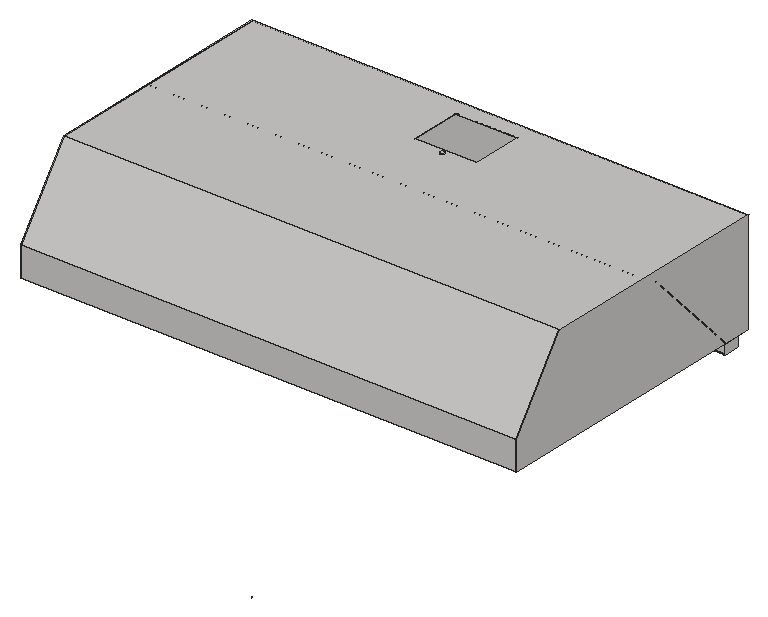
Revit family "QF_ELECTROLUXPROFESSIONAL_644244_ABPV1424DT", category Attrezzature speciali, Revit 2021
Family settings
  Quota connettore circolare = Usa diametro
  Tipo di parte = Normale
  Basato su piano di lavoro = No
  Sempre verticale = Sì
  Taglio con vuoti quando caricato = No
  Condiviso = No
  Punto di calcolo locali = No
Parameters (values of type "Standard")
  Weight = 73.00 kg
  Watts = 550 W
  Volts = 220 V
  URL Manufacturer = "https://www.electroluxprofessional.com/"
  URL = "https://www.electroluxprofessional.com/"
  Steam Supply Size = 0 mm
  Steam Supply Minimum Pressure = 0.0 Pa
  Steam Supply Maximum Pressure = 0.0 Pa
  Steam Consumption per Hour = 0
  Refrigeration Suction Line Size = 0 mm
  Refrigeration Liquid Line Size = 0 mm
  Refrigerant Compressor Remote = yes
  Prospetto di default = 0 mm
  Produttore = "Electrolux Professional"
  Phase = 1
  Modello = "ABPV1424DT"
  Length Actual = 2400 mm  # constant formula
  Item Number = "644244"
  Hot Water Size = 0 mm
  Height Actual = 500 mm  # constant formula
  HP = "0.7 HP"
  Gas Size = 0 mm
  Gas KW = 0
  Gas Input Pressure = 0 W
  Direct Waste Size = 0 mm
  Descrizione = "304 S/S WALL HOOD+FILTER+FAN 2400X1400MM"
  Depth Actual = 1400 mm  # constant formula
  Cycle = 50 Hz
  Condensate Return Size = 0 mm
  Compressed Air Volume = 0.0 L/s
  Compressed Air Size = 0 mm
  Compressed Air Pressure = 0.0 Pa
  Cold Water Size = 0 mm
  Accessory = yes
Reference planes
  plane 1: z = 0
  plane 2 "Center (Left/Right)": x = 150
  plane 3 "LEFT": x = -1050
  plane 4 "RIGHT": x = 1350
  plane 5 "BACK": y = 550
  plane 6 "TOP": z = 2500
  plane 7 "Base": z = 2000
  plane 8: z = 1926
  plane 9 "DrainY": y = 485
  plane 10: x = -1047
  plane 11: through (0, 414.509, 2000.8) normal (0, 0.7314, 0.682)
  plane 12: y = 470
  plane 13: y = 220
  plane 14 "DrainX": x = 1230
  plane 15: x = 300
  plane 16: x = 0
  plane 17: x = 1347
  plane 18: x = 1140
  plane 19: x = 1320
  plane 20: x = -1010
  plane 21: x = -645
  plane 22: x = -450
  plane 23: x = 1310
  plane 24: x = 945
  plane 25: x = 750
  plane 26: x = -47.5
  plane 27: x = 347.5
  plane 28: z = 2140
  plane 29: y = -590
  plane 30: y = 200
  plane 31: y = -850
  plane 32: y = -150
Forms (mm)
  Extrusion 1, solid, material "QF_Finishes_Stainless Steel"
    sketch origin (-1050, 0, 360) x (0, 1, 0) y (0, 0, 1)
      loop
        line (550, 1640) -> (550, 2140) -> (-590, 2140) -> (-850, 1780) -> (-850, 1640) -> (550, 1640)
    from 0 to 3
  Extrusion 2, solid, material "QF_Finishes_Stainless Steel"
    sketch origin (150, 0, 360) x (0, 1, 0) y (0, 0, 1)
      loop
        line (415.255, 1640) -> (550, 1640) -> (550, 2139.19) -> (549.2, 2139.19) -> (549.2, 1640.8) -> (415.876, 1640.8) -> (339.347, 1722.867) -> (349.609, 1732.436) -> (348.927, 1733.167) -> (337.934, 1722.917) -> (415.255, 1640)
      loop
        line (-82.203, 2139.19) -> (-82.203, 2118.6) -> (-31.047, 2118.6) -> (34.354, 2048.466) -> (46.028, 2059.352) -> (45.346, 2060.083) -> (34.403, 2049.879) -> (-30.612, 2119.6) -> (-81.203, 2119.6) -> (-81.203, 2139.19) -> (-82.203, 2139.19)
    from -1197 to 1197
  Extrusion 3, solid, material "QF_Finishes_Stainless Steel"
    sketch origin (1350, 0, 360) x (0, 1, 0) y (0, 0, 1)
      loop
        line (550, 1640) -> (550, 2140) -> (-590, 2140) -> (-850, 1780) -> (-850, 1640) -> (550, 1640)
    from 0 to -3
  Extrusion 4, solid, material "QF_Finishes_Stainless Steel"
    sketch origin (150, 0, 360) x (0, 1, 0) y (0, 0, 1)
      loop
        line (-590, 2140) -> (-850, 1780) -> (-850, 1640) -> (-849.2, 1640) -> (-849.2, 1779.741) -> (-589.598, 2139.19) -> (550, 2139.19) -> (550, 2140) -> (-590, 2140)
    from -1200 to 1200
  Extrusion 5, solid, material "QF_Finishes_Stainless Steel"
    sketch origin (150, 0, 360) x (0, 1, 0) y (0, 0, 1)
      loop
        line (534, 1640) -> (436, 1640) -> (436, 1627) -> (443.5, 1627) -> (443.5, 1576)
        arc (443.5, 1576) -> (446.429, 1568.929) -> (453.5, 1566) r 10
        line (453.5, 1566) -> (516.5, 1566)
        arc (516.5, 1566) -> (523.571, 1568.929) -> (526.5, 1576) r 10
        line (526.5, 1576) -> (526.5, 1627) -> (534, 1627) -> (534, 1640)
    from 990 to 1170
  Extrusion 6, solid, material "QF_Finishes_Stainless Steel"
    sketch origin (0, 0, 2000) x (0, 1, 0) y (-1, 0, 0)
      loop
        circle (485, -1230) r 20
    from -76 to -74
  Extrusion 7, solid, material "QF_Finished_Chrome"
    sketch origin (150, 0, 360) x (0, 1, 0) y (0, 0, 1)
      loop
        line (337.934, 1722.917) -> (341.591, 1726.327) -> (38.011, 2051.876) -> (34.354, 2048.466) -> (337.934, 1722.917)
    from -795 to -1160
  Extrusion 8, solid, material "QF_Finished_Chrome"
    sketch origin (150, 0, 360) x (0, 1, 0) y (0, 0, 1)
      loop
        line (337.934, 1722.917) -> (341.591, 1726.327) -> (38.011, 2051.876) -> (34.354, 2048.466) -> (337.934, 1722.917)
    from -197.5 to -600
  Extrusion 9, solid, material "QF_Finishes_Stainless Steel"
    sketch origin (150, 0, 360) x (0, 1, 0) y (0, 0, 1)
      loop
        line (337.934, 1722.917) -> (341.591, 1726.327) -> (38.011, 2051.876) -> (34.354, 2048.466) -> (337.934, 1722.917)
    from 1197 to 1160
  Extrusion 10, solid, material "QF_Finishes_Stainless Steel"
    sketch origin (150, 0, 360) x (0, 1, 0) y (0, 0, 1)
      loop
        line (341.588, 1726.324) -> (38.009, 2051.874) -> (34.354, 2048.466) -> (337.934, 1722.917) -> (341.588, 1726.324)
    from -795 to -600
  Extrusion 11, solid, material "QF_Finished_Chrome"
    sketch origin (150, 0, 360) x (0, 1, 0) y (0, 0, 1)
      loop
        line (341.588, 1726.324) -> (38.009, 2051.874) -> (34.354, 2048.466) -> (337.934, 1722.917) -> (341.588, 1726.324)
    from 795 to 1160
  Extrusion 12, void
    sketch origin (0, 0, 2500) x (0, 1, 0) y (-1, 0, 0)
      loop
        line (470, 0) -> (220, 0) -> (220, -300) -> (470, -300) -> (470, 0)
    from 0 to -10
  Extrusion 13, solid, material "QF_Finishes_Stainless Steel"
    sketch origin (0, 0, 0) x (1, 0, 0) y (0, 1, 0)
      loop
        line (-1050, 550) -> (-1050, 549) -> (-1049, 549) -> (-1049, 550) -> (-1050, 550)
    from 0 to 1
  Extrusion 14, solid, material "QF_Finishes_Stainless Steel"
    sketch origin (150, 0, 360) x (0, 1, 0) y (0, 0, 1)
      loop
        line (337.934, 1722.917) -> (341.591, 1726.327) -> (38.011, 2051.876) -> (34.354, 2048.466) -> (337.934, 1722.917)
    from -1160 to -1197
  Extrusion 15, solid, material "QF_Finishes_Stainless Steel"
    sketch origin (150, 0, 360) x (0, 1, 0) y (0, 0, -1)
      loop
        line (341.588, -1726.324) -> (337.934, -1722.917) -> (34.354, -2048.466) -> (38.009, -2051.874) -> (341.588, -1726.324)
    from -795 to -600
  Extrusion 16, solid, material "QF_Finished_Chrome"
    sketch origin (150, 0, 360) x (0, 1, 0) y (0, 0, 1)
      loop
        line (337.934, 1722.917) -> (341.591, 1726.327) -> (38.011, 2051.876) -> (34.354, 2048.466) -> (337.934, 1722.917)
    from 600 to 197.5
  Extrusion 17, solid, material "QF_Finishes_Stainless Steel"
    sketch origin (150, 0, 360) x (0, 1, 0) y (0, 0, -1)
      loop
        line (341.588, -1726.324) -> (337.934, -1722.917) -> (34.354, -2048.466) -> (38.009, -2051.874) -> (341.588, -1726.324)
    from -197.5 to 197.5
  Extrusion 18, solid, material "QF_Finishes_Stainless Steel"
    sketch origin (0, 0, 2500) x (0, 1, 0) y (-1, 0, 0)
      loop
        circle (200, -150) r 10
    from 0 to 1.6
Cuts and joins
  Extrusion 12 cuts Extrusion 4
  joined: Extrusion 2, Extrusion 4
Lines and regions (mm)
  reference lines
    curve 1: line (150, 34.354, 2408.466) -> (150, 34.354, 2248.466)
  symbolic lines, style "SpecialityEquipment", detail levels coarse
    curve 2: line (1350, 550, 2500) -> (-1050, 550, 2500)
    curve 3: line (-1050, 550, 2500) -> (-1050, -850, 2500)
    curve 4: line (1350, -850, 2500) -> (1350, 550, 2500)
    curve 5: line (-1050, -850, 2500) -> (1350, -850, 2500)
    curve 6: line (0, 220, 2500) -> (300, 220, 2500)
    curve 7: line (0, 470, 2500) -> (0, 220, 2500)
    curve 8: line (300, 470, 2500) -> (0, 470, 2500)
    curve 9: line (300, 220, 2500) -> (300, 470, 2500)
    curve 10: line (1350, -589.598, 0) -> (-1050, -589.598, 0)
    curve 11: line (-1050, -589.598, 0) -> (1350, 550, 0)
    curve 12: line (-1050, 550, 0) -> (1350, -589.598, 0)
Dimensions and locks
  plane 3 "LEFT" to plane 4 "RIGHT" = 2400 mm
  equal spacing: plane 3 "LEFT", plane 2 "Center (Left/Right)", plane 4 "RIGHT"
  locked: plane 6 "TOP" to plane 7 "Base" at 500
  plane 7 "Base" to plane 8 = 74 mm
  plane 5 "BACK" to plane 9 "DrainY" = 65 mm  (x2)
  plane 3 "LEFT" to plane 10 = 3 mm
  plane 5 "BACK" to plane 12 = 80 mm
  plane 12 to plane 13 = 250 mm  (x2)
  plane 14 "DrainX" to plane 4 "RIGHT" = 120 mm
  plane 17 to plane 4 "RIGHT" = 3 mm
  locked: plane 18 to plane 14 "DrainX" at 90
  locked: plane 14 "DrainX" to plane 19 at 90
  plane 12 to plane 5 "BACK" = 80 mm
  locked: plane 3 "LEFT" to plane 20 at 40
  locked: plane 20 to plane 21 at 365
  locked: plane 21 to plane 22 at 195
  locked: plane 23 to plane 24 at 365
  locked: plane 24 to plane 25 at 195
  locked: plane 23 to plane 4 "RIGHT" at 40
  locked: plane 26 to plane 27 at 395
  equal spacing: plane 26, plane 2 "Center (Left/Right)", plane 27
  locked: plane 16 to plane 15 at 300
  equal spacing: plane 16, plane 2 "Center (Left/Right)", plane 15
  plane 22 to plane 26 = 402.5 mm
  plane 27 to plane 25 = 402.5 mm
  plane 28 to plane 7 "Base" = 140 mm
  locked: plane 7 "Base" to level at 2000
  plane 13 to plane 30 = 20 mm
  plane 5 "BACK" to plane 31 = 1400 mm  (x2)
  equal spacing: plane 5 "BACK", plane 32, plane 31
  aligned and locked: level to plane 1
  aligned and locked: Extrusion 2 to Extrusion 1
  aligned and locked: Extrusion 2 to Extrusion 3
  aligned and locked: plane 4 "RIGHT" to Extrusion 4
  aligned and locked: Extrusion 4 to plane 3 "LEFT"
  aligned and locked: plane 17 to Extrusion 9
  aligned and locked: plane 16 to Extrusion 12
  aligned and locked: Extrusion 12 to plane 15
  aligned and locked: Extrusion 12 to plane 13
  aligned and locked: Extrusion 12 to plane 12
  aligned and locked: Extrusion 2 to Extrusion 4
  aligned and locked: plane 19 to Extrusion 5
  aligned and locked: Extrusion 5 to plane 18
  aligned and locked: Extrusion 9 to plane 23
  aligned and locked: Extrusion 11 to plane 23
  aligned and locked: Extrusion 11 to plane 24
  aligned and locked: Extrusion 8 to plane 22
  aligned and locked: plane 22 to Extrusion 10
  aligned and locked: Extrusion 10 to plane 21
  aligned and locked: plane 21 to Extrusion 7
  aligned and locked: Extrusion 7 to plane 20
  aligned and locked: Extrusion 14 to plane 10
  aligned and locked: plane 20 to Extrusion 14
  aligned and locked: Extrusion 15 to plane 25
  aligned and locked: Extrusion 15 to plane 24
  aligned and locked: Extrusion 3 to plane 17
  aligned and locked: plane 26 to Extrusion 8
  aligned and locked: Extrusion 16 to plane 25
  aligned and locked: Extrusion 16 to plane 27
  aligned and locked: plane 27 to Extrusion 17
  aligned and locked: Extrusion 17 to plane 26
Automatic sketch dimensions
  curve 5 to plane 3 "LEFT" = 0 mm
  curve 9 to plane 13 = 0 mm
  plane 12 to curve 8 = 0 mm
  curve 3 to plane 5 "BACK" = 0 mm
  curve 5 to plane 4 "RIGHT" = 0 mm
  curve 6 to plane 15 = 0 mm
  curve 6 to plane 16 = 0 mm
  Extrusion 2 sketch curve to plane 11 = 0 mm  (x3)
  Extrusion 2 sketch curve to plane 7 "Base" = 0 mm
  plane 11 to Extrusion 2 sketch curve = 0 mm
  Extrusion 2 sketch curve to plane 5 "BACK" = 0 mm
  Extrusion 2 sketch curve to Extrusion 2 sketch curve = 65.646 mm
  Extrusion 2 sketch curve to Extrusion 2 sketch curve = 0.682 mm  (x2)
  Extrusion 2 sketch curve to Extrusion 2 sketch curve = 10.261 mm
  plane 7 "Base" to Extrusion 2 sketch curve = 82.917 mm
  Extrusion 2 sketch curve to Extrusion 2 sketch curve = 10.942 mm
  Extrusion 2 sketch curve to Extrusion 2 sketch curve = 0.049 mm
  Extrusion 2 sketch curve to plane 6 "TOP" = 20.4 mm
  Extrusion 2 sketch curve to plane 6 "TOP" = 21.4 mm
  Extrusion 2 sketch curve to plane 6 "TOP" = 0.81 mm  (x2)
  Extrusion 2 sketch curve to Extrusion 2 sketch curve = 50.156 mm
  Extrusion 2 sketch curve to Extrusion 2 sketch curve = 1 mm
  plane 7 "Base" to Extrusion 2 sketch curve = 0.8 mm
  Extrusion 2 sketch curve to plane 5 "BACK" = 0.8 mm
  curve 1 to plane 11 = 0 mm
  Extrusion 5 sketch curve to plane 7 "Base" = 0 mm
  Extrusion 5 sketch curve to plane 8 = 0 mm
  Extrusion 5 sketch curve to plane 7 "Base" = 13 mm  (x2)
  plane 12 to Extrusion 5 sketch curve = 34 mm
  Extrusion 5 sketch curve to Extrusion 5 sketch curve = 7.5 mm  (x2)
  Extrusion 5 sketch curve to Extrusion 5 sketch curve = 10 mm
  plane 9 "DrainY" to Extrusion 5 sketch curve = 31.5 mm
  Extrusion 5 sketch curve to plane 5 "BACK" = 23.5 mm
  Extrusion 6 sketch curve to plane 9 "DrainY" = 0 mm
  Extrusion 6 sketch curve to plane 14 "DrainX" = 0 mm
  Extrusion 7 sketch curve to plane 11 = 0 mm  (x2)
  Extrusion 7 sketch curve to Extrusion 7 sketch curve = 3.657 mm
  plane 7 "Base" to Extrusion 7 sketch curve = 82.917 mm
  Extrusion 8 sketch curve to plane 11 = 0 mm  (x2)
  Extrusion 8 sketch curve to Extrusion 8 sketch curve = 3.657 mm
  plane 7 "Base" to Extrusion 8 sketch curve = 82.917 mm
  Extrusion 9 sketch curve to plane 11 = 0 mm  (x2)
  Extrusion 9 sketch curve to Extrusion 9 sketch curve = 3.657 mm
  plane 7 "Base" to Extrusion 9 sketch curve = 82.917 mm
  Extrusion 10 sketch curve to plane 11 = 0 mm  (x2)
  Extrusion 10 sketch curve to Extrusion 10 sketch curve = 3.655 mm
  plane 7 "Base" to Extrusion 10 sketch curve = 82.917 mm
  Extrusion 11 sketch curve to plane 11 = 0 mm  (x2)
  Extrusion 11 sketch curve to Extrusion 11 sketch curve = 3.655 mm
  plane 7 "Base" to Extrusion 11 sketch curve = 82.917 mm
  Extrusion 12 sketch curve to plane 13 = 0 mm
  plane 12 to Extrusion 12 sketch curve = 0 mm
  Extrusion 12 sketch curve to plane 15 = 0 mm
  Extrusion 12 sketch curve to plane 16 = 0 mm
  Extrusion 13 sketch curve to plane 3 "LEFT" = 0 mm
  Extrusion 13 sketch curve to plane 5 "BACK" = 0 mm
  plane 3 "LEFT" to Extrusion 13 sketch curve = 1 mm
  Extrusion 13 sketch curve to Extrusion 13 sketch curve = 1 mm
  Extrusion 14 sketch curve to plane 11 = 0 mm  (x2)
  Extrusion 14 sketch curve to Extrusion 14 sketch curve = 3.657 mm
  plane 7 "Base" to Extrusion 14 sketch curve = 82.917 mm
  Extrusion 15 sketch curve to plane 11 = 0 mm  (x2)
  Extrusion 15 sketch curve to Extrusion 15 sketch curve = 3.655 mm
  plane 7 "Base" to Extrusion 15 sketch curve = 82.917 mm
  Extrusion 16 sketch curve to plane 11 = 0 mm  (x2)
  Extrusion 16 sketch curve to Extrusion 16 sketch curve = 3.657 mm
  plane 7 "Base" to Extrusion 16 sketch curve = 82.917 mm
  Extrusion 17 sketch curve to plane 11 = 0 mm  (x2)
  Extrusion 17 sketch curve to Extrusion 17 sketch curve = 3.655 mm
  plane 7 "Base" to Extrusion 17 sketch curve = 82.917 mm
  curve 1 to curve 1 = 160 mm
  Extrusion 4 sketch curve to plane 6 "TOP" = 0 mm
  Extrusion 4 sketch curve to plane 29 = 0 mm
  plane 29 to Extrusion 4 sketch curve = 0.402 mm
  Extrusion 4 sketch curve to plane 5 "BACK" = 0 mm
  Extrusion 4 sketch curve to plane 7 "Base" = 0 mm
  Extrusion 4 sketch curve to plane 28 = 0 mm
  Extrusion 4 sketch curve to plane 28 = 0.259 mm
  Extrusion 4 sketch curve to Extrusion 4 sketch curve = 0.81 mm
  Extrusion 1 sketch curve to plane 6 "TOP" = 0 mm
  Extrusion 1 sketch curve to plane 29 = 0 mm
  Extrusion 1 sketch curve to plane 5 "BACK" = 0 mm
  Extrusion 1 sketch curve to plane 7 "Base" = 0 mm
  Extrusion 1 sketch curve to plane 28 = 0 mm
  Extrusion 3 sketch curve to plane 6 "TOP" = 0 mm
  Extrusion 3 sketch curve to plane 29 = 0 mm
  Extrusion 3 sketch curve to plane 5 "BACK" = 0 mm
  Extrusion 3 sketch curve to plane 7 "Base" = 0 mm
  Extrusion 3 sketch curve to plane 28 = 0 mm
  curve 10 to plane 3 "LEFT" = 0 mm
  curve 12 to plane 3 "LEFT" = 0 mm
  curve 11 to plane 4 "RIGHT" = 0 mm
  curve 10 to plane 4 "RIGHT" = 0 mm
  curve 12 to plane 5 "BACK" = 0 mm
  curve 11 to plane 5 "BACK" = 0 mm
  plane 29 to curve 11 = 0.402 mm
  Extrusion 18 sketch curve to plane 2 "Center (Left/Right)" = 0 mm
  plane 30 to Extrusion 18 sketch curve = 0 mm
  curve 5 to plane 29 = 260 mm
  Extrusion 1 sketch curve to plane 29 = 260 mm
  Extrusion 3 sketch curve to plane 29 = 260 mm
  Extrusion 4 sketch curve to plane 29 = 259.2 mm
  Extrusion 4 sketch curve to Extrusion 4 sketch curve = 0.8 mm
  Extrusion 2 sketch curve to plane 6 "TOP" = 91.534 mm
  plane 28 to curve 1 = 108.466 mm
  Extrusion 7 sketch curve to plane 6 "TOP" = 88.124 mm
  Extrusion 8 sketch curve to plane 6 "TOP" = 88.124 mm
  Extrusion 9 sketch curve to plane 6 "TOP" = 88.124 mm
  Extrusion 10 sketch curve to plane 6 "TOP" = 88.126 mm
  Extrusion 11 sketch curve to plane 6 "TOP" = 88.126 mm
  Extrusion 14 sketch curve to plane 6 "TOP" = 88.124 mm
  Extrusion 15 sketch curve to plane 6 "TOP" = 88.126 mm
  Extrusion 16 sketch curve to plane 6 "TOP" = 88.124 mm
  Extrusion 17 sketch curve to plane 6 "TOP" = 88.126 mm
  radius of Extrusion 6 sketch curve = 20 mm
  radius of Extrusion 18 sketch curve = 10 mm
Connectors
  piping at (1230, 485, 1924), diameter 20
    settings: on Extrusion 6, index 1, connector inside diameter 609.6 mm, connector length 0 mm, flow factor 0, pipe flow 0.0 L/s, pressure drop 0.0 Pa, fitting loss kfactor 0, connector angle 0.00°, fixture units 0, engagement length 0 mm, angle of deflection 0.00°, flow configuration 1, flow direction 2, fitting loss method 0, system type 16, joint type 0, gender type 0, connector reference index -1, connector utility 0, adjustable connector no, is connector primary yes, connector description "Drain"
  hvac at (150, 345, 2500)
    settings: on Extrusion 12, index 2, duct flow 0.0 L/s, flow factor 0, pres drop 0.0 Pa, loss coef 0, conn angle 0.00°, conn width 250 mm, conn height 300 mm, conn diameter 609.6 mm, duct sys type 3, conn prof type 1, flow config 1, flow direction 2, loss method 0, conn ref index -1, conn util no, is conn primary yes, conn desc "EXHAUST OUTLET"
  electrical at (150, 200, 2500), driven by "Volts"
    settings: on Extrusion 18, index 3, voltage 220 V, apparent load 0 VA, apparent load phase1 0 VA, apparent load phase2 0 VA, apparent load phase3 0 VA, power factor 1, load classification "Other", number of poles 1, system type 30, power factor state 1, is connector primary yes, connector utility no, sub classification motor no, connector description "Electrical Connection"
